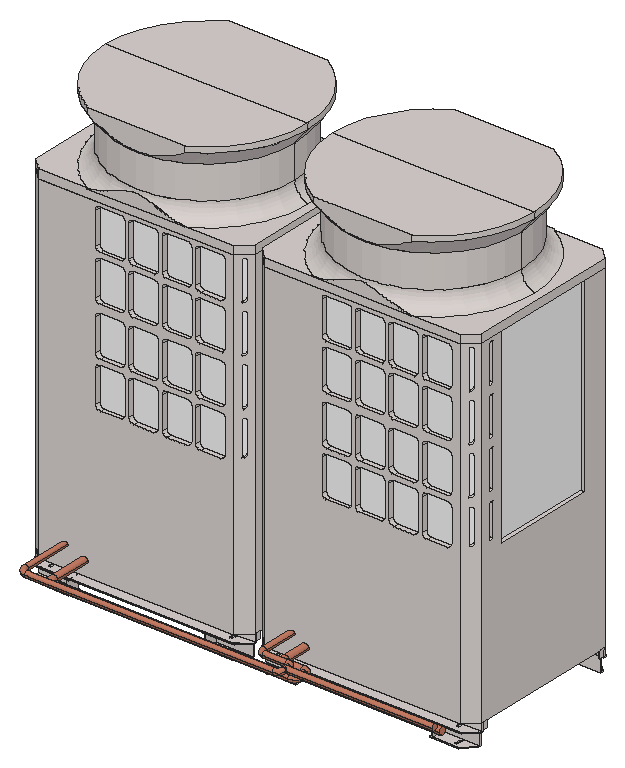
Revit family "PURY-EP550YSNW-A1", category 機械設備, Revit 2016
Family settings
  パーツ タイプ = 標準
  丸型コネクタ寸法 = 半径を使用
  OmniClass 番号 = 23.75.00.00
  OmniClass タイトル = Climate Control (HVAC)
  作業面に基づく = いいえ
  常に垂直 = はい
  ロード時にボイドで切り取り = いいえ
  共有 = いいえ
  部屋の計算ポイント = いいえ
Parameters (values of type "PURY-EP550YSNW-A1_415V_60Hz")
  WarrantyStart = ""
  Temp. range of cooling (Outdoor temp.) (D.B.) = "-5.0 to 52.0"
  Temp. range of cooling (Indoor temp.) (W.B.) = "15.0 to 24.0"
  TagNumber = 0
  SerialNumber = 0
  ReplacementYear = ""
  Outdoor unit 2 Breaker size (A) = 30
  Outdoor unit 1 Breaker size (A) = 30
  Note_1 = "Refrigerant pipe diameters may change depending on the installation condition. Please refer to the installation manual."
  モデル = "PURY-EP550YSNW-A1"
  Width = 1870.000 mm
  Voltage = 415 V
  Unit Weight (kg) = 458
  URL = "http://www.mitsubishielectric.com/"
  Temp. range of heating (Outdoor temp.) (W.B.) = "-20.0 to 15.5"
  Temp. range of heating (Indoor temp.) (D.B.) = "15.0 to 27.0"
  Subcategory = "HVAC"
  Space View = yes
  Sound Pressure Level (dB(A)) Heating mode = 68
  Sound Pressure Level (dB(A)) Cooling mode = 64
  Refrigerant type = "R410A"
  Refrigerant Charge (kg) = 10.4
  Protection Devices_Inverter circuit (COMP./FAN) = "Over-current protection"
  Protection Devices_High pressure (MPa) = "High pressure sensor, High pressure switch at 4.15"
  Phase = 3
  製造元 = "Mitsubishi Electric Corporation"
  Outdoor unit 2 = PURY-EP250YNW-A1 : PURY-EP250YNW-A1
  Outdoor unit 1 = PURY-EP300YNW-A1 : PURY-EP300YNW-A1
  Maximum Circuit Ampacity (A) = 37.3
  Low pressure pipe_radius = 14.290 mm
  InstallationDate = "0"
  Indoor Unit Total Capacity = "50 to 150% of outdoor unit capacity"
  Indoor Unit Model/Quantity = "P10 to P250/2 to 50"
  High pressure pipe_radius = 11.100 mm
  Hertz = 60 Hz
  Height = 1858.000 mm
  Heating SCOP (kW/kW) = 4.05
  Heating Rated Load Ampacity (A) = 26.7
  Heating Power Input (kW) = 17.33
  Heating Power Input (Nominal) (kW) = 14.92
  Heating Current Input (Nominal) (A) = 23
  Heating Current Input (A) = 26.7
  Heating Capacity (kW) = 69
  Heating Capacity (Nominal) (kW) = 63
  Heating COP (kW/kW) = 3.98
  Heating COP (Nominal) (kW/kW) = 4.22
  Fan_Type = "Propeller Fan"
  Fan_Quantity = 2
  Fan Motor Output (kW) = 1.84
  External static pressure (Pa) = 0
  External Finish = "Pre-coated galvanized steel sheets (+powder coating for -BS type) <MUNSELL 5Y 8/1 or similar>"
  Equip_description = "0"
  Equip_No. = 0
  Equip_ID = "0"
  Description = "0"
  Depth = 740.000 mm
  CreatedOn = "0"
  CreatedBy = "0"
  Cooling SEER (kW/kW) = 6.85
  Cooling Rated Load Ampacity (A) = 24.5
  Cooling Power Input (kW) = 15.9
  Cooling EER (kW/kW) = 3.96
  Cooling Current Input (A) = 24.5
  Cooling Capacity (kW) = 63
  Compressor_Type = "Inverter scroll hermetic compressor"
  Compressor_Quantity = 2
  Compressor_Lubricant = "MEL32"
  Compressor Motor Output (kW) = 12.8
  Category = "0"
  Barcode = "0"
  AssetIdentifier = "0"
  Airflow Rate (m3/min) = 425
  Airflow Rate (m3/h) = 25500
Reference planes
  plane 1 "Center (Front/Back)": y = 0
  plane 2: z = 0
  plane 3 "Center (Left/Right)": x = 0
  plane 4: y = 370
  plane 5 "front": y = -370
  plane 6: x = -935
  plane 7: x = 935
  plane 8: x = 15
  plane 9: x = -15
  plane 10: z = 1858
Forms (mm)
  Sweep 1, solid, material "Copper"
    path origin (1017.215, -4.248, 187) x (0, -1, 0) y (1, 0, 0)
      loop
        line (360, -1792.386) -> (570, -1792.386)
        arc (570, -1792.386) -> (591.213, -1783.6) -> (600, -1762.386) r 30
        line (600, -1762.386) -> (600, -725.507)
        arc (600, -725.507) -> (594.142, -711.365) -> (580, -705.507) r 20
        line (580, -705.507) -> (552.385, -705.507)
        arc (552.385, -705.507) -> (538.243, -711.365) -> (532.385, -725.507) r 20
        line (532.385, -725.507) -> (532.385, -821.501)
        arc (532.385, -821.501) -> (526.527, -835.643) -> (512.385, -841.501) r 20
        line (512.385, -841.501) -> (357.385, -841.501)
    profile origin (-775.172, -469.248, 187) x (1, 0, 0) y (0, 0, 1)
      loop
        circle (0, 0) r 11.1
  Sweep 2, solid, material "Copper"
    path origin (1039.386, -4.248, 155) x (0, -1, 0) y (1, 0, 0)
      loop
        line (360, -1733) -> (525, -1733)
        arc (525, -1733) -> (546.213, -1724.213) -> (555, -1703) r 30
        line (555, -1703) -> (555, -800.253) -> (555, -715.253)
        arc (555, -715.253) -> (549.142, -701.111) -> (535, -695.253) r 20
        line (535, -695.253) -> (510, -695.253)
        arc (510, -695.253) -> (495.858, -701.111) -> (490, -715.253) r 20
        line (490, -715.253) -> (490, -786.253)
        arc (490, -786.253) -> (484.142, -800.395) -> (470, -806.253) r 20
        line (470, -806.253) -> (360, -806.253)
    profile origin (-693.614, -446.748, 155) x (1, 0, 0) y (0, 0, 1)
      loop
        circle (0, 0) r 14.29
  Sweep 3, solid, material "Copper"
    path origin (934.386, -4.248, 187) x (0, -1, 0) y (1, 0, 0)
      loop
        line (565.96, -620) -> (565.96, 0.614)
    profile origin (624.693, -570.208, 187) x (0, 1, 0) y (0, 0, 1)
      loop
        circle (0, 0) r 11.1
  Sweep 4, solid, material "Copper"
    path origin (934.386, -4.248, 155.027) x (-1, 0, 0) y (0, -1, 0)
      loop
        line (585, 523.84) -> (0, 523.84)
    profile origin (641.886, -528.088, 155.027) x (0, 1, 0) y (0, 0, 1)
      loop
        circle (0, 0) r 14.29
Dimensions and locks
  plane 6 to plane 7 = 1870.000 mm
  "High pressure pipe_radius": radius of Sweep 3 sketch curve
  "Low pressure pipe_radius": radius of Sweep 4 sketch curve
  aligned and locked: level to plane 2
Automatic sketch dimensions
  Sweep 1 sketch curve to plane 5 "front" = 8.366 mm
  Sweep 1 sketch curve to plane 5 "front" = 5.752 mm
  plane 5 "front" to Sweep 1 sketch curve = 146.634 mm
  Sweep 1 sketch curve to Sweep 1 sketch curve = 20.000 mm  (x2)
  plane 5 "front" to Sweep 1 sketch curve = 204.248 mm
  Sweep 1 sketch curve to Sweep 1 sketch curve = 27.615 mm
  Sweep 1 sketch curve to Sweep 1 sketch curve = 30.000 mm
  plane 6 to Sweep 1 sketch curve = 159.828 mm
  plane 3 "Center (Left/Right)" to Sweep 1 sketch curve = 175.714 mm
  Sweep 1 sketch curve to Sweep 1 sketch curve = 95.994 mm
  profile plane to Sweep 1 sketch curve = 0.000 mm
  Sweep 1 sketch curve to profile plane = 0.000 mm
  Sweep 2 sketch curve to plane 5 "front" = 5.752 mm  (x2)
  plane 5 "front" to Sweep 2 sketch curve = 104.248 mm
  Sweep 2 sketch curve to Sweep 2 sketch curve = 20.000 mm  (x3)
  plane 5 "front" to Sweep 2 sketch curve = 159.248 mm
  Sweep 2 sketch curve to Sweep 2 sketch curve = 25.000 mm
  plane 6 to Sweep 2 sketch curve = 241.386 mm
  plane 3 "Center (Left/Right)" to Sweep 2 sketch curve = 239.134 mm
  Sweep 2 sketch curve to Sweep 2 sketch curve = 6.000 mm
  Sweep 2 sketch curve to Sweep 2 sketch curve = 71.000 mm
  profile plane to Sweep 2 sketch curve = 0.000 mm
  Sweep 2 sketch curve to profile plane = 0.000 mm
  Sweep 3 sketch curve to plane 7 = 0.000 mm
  plane 5 "front" to Sweep 3 sketch curve = 200.208 mm
  plane 8 to Sweep 3 sketch curve = 299.386 mm
  Sweep 4 sketch curve to plane 7 = 0.614 mm
  plane 5 "front" to Sweep 4 sketch curve = 158.088 mm
  plane 8 to Sweep 4 sketch curve = 334.386 mm
  Sweep 3 sketch curve to profile plane = 0.000 mm  (x2)
  Sweep 4 sketch curve to profile plane = 0.000 mm  (x2)
  radius of Sweep 1 sketch curve = 11.100 mm
  radius of Sweep 2 sketch curve = 14.290 mm
Nested families
  nested 1: "PURY-EP300YNW-A1" at (-475, 0, 0), type <- "Outdoor unit 1", type "PURY-EP300YNW-A1"
  nested 2: "PURY-EP250YNW-A1" at (475, 0, 0), type <- "Outdoor unit 2", type "PURY-EP250YNW-A1"
Connectors
  piping at (934.386, -528.088, 155.027), diameter 28.58, driven by "Low pressure pipe_radius"
    settings: on Sweep 4, index 1, connector inside diameter 28.58 mm, connector length 0.000 mm, flow factor 0, pipe flow 0.0 L/s, pressure drop 0.0 Pa, fitting loss kfactor 0, connector angle 0.00°, fixture units 0, engagement length 0.000 mm, angle of deflection 0.00°, flow configuration 0, flow direction 0, fitting loss method 0, system type 22, joint type 0, gender type 0, connector reference index -1, connector utility 0, adjustable connector no, is connector primary yes, connector description "BC controller-Twinning pipe(Low pressure)"
  piping at (935, -570.208, 187), diameter 22.2, driven by "High pressure pipe_radius"
    settings: on Sweep 3, index 2, connector inside diameter 22.2 mm, connector length 0.000 mm, flow factor 0, pipe flow 0.0 L/s, pressure drop 0.0 Pa, fitting loss kfactor 0, connector angle 0.00°, fixture units 0, engagement length 0.000 mm, angle of deflection 0.00°, flow configuration 0, flow direction 0, fitting loss method 0, system type 22, joint type 0, gender type 0, connector reference index -1, connector utility 0, adjustable connector no, is connector primary no, connector description "BC controller-Twinning pipe(High pressure)"
  electrical at (319, -370, 280), driven by "Phase", driven by "Voltage"
    settings: index 4, voltage 415 V, apparent load 0 VA, apparent load phase1 0 VA, apparent load phase2 0 VA, apparent load phase3 0 VA, power factor 1, load classification "HVAC", number of poles 3, system type 30, power factor state 1, is connector primary yes, connector utility no, sub classification motor no, connector description ""
  electrical at (-633, -370, 280), driven by "Phase", driven by "Voltage"
    settings: index 5, voltage 415 V, apparent load 0 VA, apparent load phase1 0 VA, apparent load phase2 0 VA, apparent load phase3 0 VA, power factor 1, load classification "HVAC", number of poles 3, system type 30, power factor state 1, is connector primary no, connector utility no, sub classification motor no, connector description ""
Definition of nested family "PURY-EP300YNW-A1"
  Parameters
    Model = "PURY-P300YNW-A"
    URL = "http://www.mitsubishielectric.com/"
    Manufacturer = "Mitsubishi Electric Corporation"
    Liquid pipe_radius = 4.760 mm
    Gas pipe_radius = 11.100 mm
  Reference planes
    plane 1 "Center (Front/Back)": y = 0
    plane 2: z = 0
    plane 3 "Center (Left/Right)": x = 0
    plane 4 "11": through (-415, 370, 1200) normal (0.7071, -0.7071, 0)
    plane 5 "22": through (-415, -370, 1200) normal (-0.7071, -0.7071, 0)
    plane 6 "44": through (460, 325, 1200) normal (-0.7071, -0.7071, 0)
    plane 7 "33": through (460, -325, 1200) normal (0.7071, -0.7071, 0)
    plane 8: z = 754.5
    plane 9: z = 909.5
    plane 10: x = -300
    plane 11: x = -217
    plane 12: y = 370
    plane 13: y = -370
    plane 14: x = -460
    plane 15: x = 460
  Forms (mm)
    Extrusion 1, solid
      sketch origin (0, 0, 113) x (-1, 0, 0) y (0, -1, 0)
        loop
          line (410, -370) -> (460, -320) -> (460, 320) -> (410, 370) -> (-410, 370) -> (-460, 320) -> (-460, -320) -> (-410, -370) -> (410, -370)
      from -18 to 1408
    Extrusion 2, void
      sketch origin (410, -370, 113) x (1, 0, 0) y (0, 0, -1)
        loop
          arc (-55, -1393.5) -> (-40.858, -1387.642) -> (-35, -1373.5) r 20
          line (-35, -1373.5) -> (-35, -1238.676)
          arc (-35, -1238.676) -> (-40.858, -1224.534) -> (-55, -1218.676) r 20
          line (-55, -1218.676) -> (-139.8, -1218.676)
          arc (-139.8, -1218.676) -> (-153.942, -1224.534) -> (-159.8, -1238.676) r 20
          line (-159.8, -1238.676) -> (-159.8, -1373.5)
          arc (-159.8, -1373.5) -> (-153.942, -1387.642) -> (-139.8, -1393.5) r 20
          line (-139.8, -1393.5) -> (-55, -1393.5)
      from 0 to 20
    Extrusion 3, void
      sketch origin (270, -370, 113) x (1, 0, 0) y (0, 0, -1)
        loop
          arc (-55, -1393.5) -> (-40.858, -1387.642) -> (-35, -1373.5) r 20
          line (-35, -1373.5) -> (-35, -1238.676)
          arc (-35, -1238.676) -> (-40.858, -1224.534) -> (-55, -1218.676) r 20
          line (-55, -1218.676) -> (-139.8, -1218.676)
          arc (-139.8, -1218.676) -> (-153.942, -1224.534) -> (-159.8, -1238.676) r 20
          line (-159.8, -1238.676) -> (-159.8, -1373.5)
          arc (-159.8, -1373.5) -> (-153.942, -1387.642) -> (-139.8, -1393.5) r 20
          line (-139.8, -1393.5) -> (-55, -1393.5)
      from 0 to 20
    Extrusion 4, void
      sketch origin (130, -370, 113) x (1, 0, 0) y (0, 0, -1)
        loop
          arc (-55, -1393.5) -> (-40.858, -1387.642) -> (-35, -1373.5) r 20
          line (-35, -1373.5) -> (-35, -1238.676)
          arc (-35, -1238.676) -> (-40.858, -1224.534) -> (-55, -1218.676) r 20
          line (-55, -1218.676) -> (-139.8, -1218.676)
          arc (-139.8, -1218.676) -> (-153.942, -1224.534) -> (-159.8, -1238.676) r 20
          line (-159.8, -1238.676) -> (-159.8, -1373.5)
          arc (-159.8, -1373.5) -> (-153.942, -1387.642) -> (-139.8, -1393.5) r 20
          line (-139.8, -1393.5) -> (-55, -1393.5)
      from 0 to 20
    Extrusion 5, void
      sketch origin (-10, -370, 113) x (1, 0, 0) y (0, 0, -1)
        loop
          arc (-55, -1393.5) -> (-40.858, -1387.642) -> (-35, -1373.5) r 20
          line (-35, -1373.5) -> (-35, -1238.676)
          arc (-35, -1238.676) -> (-40.858, -1224.534) -> (-55, -1218.676) r 20
          line (-55, -1218.676) -> (-139.8, -1218.676)
          arc (-139.8, -1218.676) -> (-153.942, -1224.534) -> (-159.8, -1238.676) r 20
          line (-159.8, -1238.676) -> (-159.8, -1373.5)
          arc (-159.8, -1373.5) -> (-153.942, -1387.642) -> (-139.8, -1393.5) r 20
          line (-139.8, -1393.5) -> (-55, -1393.5)
      from 0 to 20
    Extrusion 6, void
      sketch origin (410, -370, -81) x (1, 0, 0) y (0, 0, -1)
        loop
          arc (-55, -1393.5) -> (-40.858, -1387.642) -> (-35, -1373.5) r 20
          line (-35, -1373.5) -> (-35, -1238.676)
          arc (-35, -1238.676) -> (-40.858, -1224.534) -> (-55, -1218.676) r 20
          line (-55, -1218.676) -> (-139.8, -1218.676)
          arc (-139.8, -1218.676) -> (-153.942, -1224.534) -> (-159.8, -1238.676) r 20
          line (-159.8, -1238.676) -> (-159.8, -1373.5)
          arc (-159.8, -1373.5) -> (-153.942, -1387.642) -> (-139.8, -1393.5) r 20
          line (-139.8, -1393.5) -> (-55, -1393.5)
      from 0 to 20
    Extrusion 7, void
      sketch origin (270, -370, -81) x (1, 0, 0) y (0, 0, -1)
        loop
          arc (-55, -1393.5) -> (-40.858, -1387.642) -> (-35, -1373.5) r 20
          line (-35, -1373.5) -> (-35, -1238.676)
          arc (-35, -1238.676) -> (-40.858, -1224.534) -> (-55, -1218.676) r 20
          line (-55, -1218.676) -> (-139.8, -1218.676)
          arc (-139.8, -1218.676) -> (-153.942, -1224.534) -> (-159.8, -1238.676) r 20
          line (-159.8, -1238.676) -> (-159.8, -1373.5)
          arc (-159.8, -1373.5) -> (-153.942, -1387.642) -> (-139.8, -1393.5) r 20
          line (-139.8, -1393.5) -> (-55, -1393.5)
      from 0 to 20
    Extrusion 8, void
      sketch origin (130, -370, -81) x (1, 0, 0) y (0, 0, -1)
        loop
          arc (-55, -1393.5) -> (-40.858, -1387.642) -> (-35, -1373.5) r 20
          line (-35, -1373.5) -> (-35, -1238.676)
          arc (-35, -1238.676) -> (-40.858, -1224.534) -> (-55, -1218.676) r 20
          line (-55, -1218.676) -> (-139.8, -1218.676)
          arc (-139.8, -1218.676) -> (-153.942, -1224.534) -> (-159.8, -1238.676) r 20
          line (-159.8, -1238.676) -> (-159.8, -1373.5)
          arc (-159.8, -1373.5) -> (-153.942, -1387.642) -> (-139.8, -1393.5) r 20
          line (-139.8, -1393.5) -> (-55, -1393.5)
      from 0 to 20
    Extrusion 9, void
      sketch origin (-10, -370, -81) x (1, 0, 0) y (0, 0, -1)
        loop
          arc (-55, -1393.5) -> (-40.858, -1387.642) -> (-35, -1373.5) r 20
          line (-35, -1373.5) -> (-35, -1238.676)
          arc (-35, -1238.676) -> (-40.858, -1224.534) -> (-55, -1218.676) r 20
          line (-55, -1218.676) -> (-139.8, -1218.676)
          arc (-139.8, -1218.676) -> (-153.942, -1224.534) -> (-159.8, -1238.676) r 20
          line (-159.8, -1238.676) -> (-159.8, -1373.5)
          arc (-159.8, -1373.5) -> (-153.942, -1387.642) -> (-139.8, -1393.5) r 20
          line (-139.8, -1393.5) -> (-55, -1393.5)
      from 0 to 20
    Extrusion 10, void
      sketch origin (410, -370, -287) x (1, 0, 0) y (0, 0, -1)
        loop
          arc (-55, -1393.5) -> (-40.858, -1387.642) -> (-35, -1373.5) r 20
          line (-35, -1373.5) -> (-35, -1238.676)
          arc (-35, -1238.676) -> (-40.858, -1224.534) -> (-55, -1218.676) r 20
          line (-55, -1218.676) -> (-139.8, -1218.676)
          arc (-139.8, -1218.676) -> (-153.942, -1224.534) -> (-159.8, -1238.676) r 20
          line (-159.8, -1238.676) -> (-159.8, -1373.5)
          arc (-159.8, -1373.5) -> (-153.942, -1387.642) -> (-139.8, -1393.5) r 20
          line (-139.8, -1393.5) -> (-55, -1393.5)
      from 0 to 20
    Extrusion 11, void
      sketch origin (270, -370, -287) x (1, 0, 0) y (0, 0, -1)
        loop
          arc (-55, -1393.5) -> (-40.858, -1387.642) -> (-35, -1373.5) r 20
          line (-35, -1373.5) -> (-35, -1238.676)
          arc (-35, -1238.676) -> (-40.858, -1224.534) -> (-55, -1218.676) r 20
          line (-55, -1218.676) -> (-139.8, -1218.676)
          arc (-139.8, -1218.676) -> (-153.942, -1224.534) -> (-159.8, -1238.676) r 20
          line (-159.8, -1238.676) -> (-159.8, -1373.5)
          arc (-159.8, -1373.5) -> (-153.942, -1387.642) -> (-139.8, -1393.5) r 20
          line (-139.8, -1393.5) -> (-55, -1393.5)
      from 0 to 20
    Extrusion 12, void
      sketch origin (130, -370, -287) x (1, 0, 0) y (0, 0, -1)
        loop
          arc (-55, -1393.5) -> (-40.858, -1387.642) -> (-35, -1373.5) r 20
          line (-35, -1373.5) -> (-35, -1238.676)
          arc (-35, -1238.676) -> (-40.858, -1224.534) -> (-55, -1218.676) r 20
          line (-55, -1218.676) -> (-139.8, -1218.676)
          arc (-139.8, -1218.676) -> (-153.942, -1224.534) -> (-159.8, -1238.676) r 20
          line (-159.8, -1238.676) -> (-159.8, -1373.5)
          arc (-159.8, -1373.5) -> (-153.942, -1387.642) -> (-139.8, -1393.5) r 20
          line (-139.8, -1393.5) -> (-55, -1393.5)
      from 0 to 20
    Extrusion 13, void
      sketch origin (-10, -370, -287) x (1, 0, 0) y (0, 0, -1)
        loop
          arc (-55, -1393.5) -> (-40.858, -1387.642) -> (-35, -1373.5) r 20
          line (-35, -1373.5) -> (-35, -1238.676)
          arc (-35, -1238.676) -> (-40.858, -1224.534) -> (-55, -1218.676) r 20
          line (-55, -1218.676) -> (-139.8, -1218.676)
          arc (-139.8, -1218.676) -> (-153.942, -1224.534) -> (-159.8, -1238.676) r 20
          line (-159.8, -1238.676) -> (-159.8, -1373.5)
          arc (-159.8, -1373.5) -> (-153.942, -1387.642) -> (-139.8, -1393.5) r 20
          line (-139.8, -1393.5) -> (-55, -1393.5)
      from 0 to 20
    Extrusion 14, void
      sketch origin (410, -370, -481) x (1, 0, 0) y (0, 0, -1)
        loop
          arc (-55, -1393.5) -> (-40.858, -1387.642) -> (-35, -1373.5) r 20
          line (-35, -1373.5) -> (-35, -1238.676)
          arc (-35, -1238.676) -> (-40.858, -1224.534) -> (-55, -1218.676) r 20
          line (-55, -1218.676) -> (-139.8, -1218.676)
          arc (-139.8, -1218.676) -> (-153.942, -1224.534) -> (-159.8, -1238.676) r 20
          line (-159.8, -1238.676) -> (-159.8, -1373.5)
          arc (-159.8, -1373.5) -> (-153.942, -1387.642) -> (-139.8, -1393.5) r 20
          line (-139.8, -1393.5) -> (-55, -1393.5)
      from 0 to 20
    Extrusion 15, void
      sketch origin (270, -370, -481) x (1, 0, 0) y (0, 0, -1)
        loop
          arc (-55, -1393.5) -> (-40.858, -1387.642) -> (-35, -1373.5) r 20
          line (-35, -1373.5) -> (-35, -1238.676)
          arc (-35, -1238.676) -> (-40.858, -1224.534) -> (-55, -1218.676) r 20
          line (-55, -1218.676) -> (-139.8, -1218.676)
          arc (-139.8, -1218.676) -> (-153.942, -1224.534) -> (-159.8, -1238.676) r 20
          line (-159.8, -1238.676) -> (-159.8, -1373.5)
          arc (-159.8, -1373.5) -> (-153.942, -1387.642) -> (-139.8, -1393.5) r 20
          line (-139.8, -1393.5) -> (-55, -1393.5)
      from 0 to 20
    Extrusion 16, void
      sketch origin (130, -370, -481) x (1, 0, 0) y (0, 0, -1)
        loop
          arc (-55, -1393.5) -> (-40.858, -1387.642) -> (-35, -1373.5) r 20
          line (-35, -1373.5) -> (-35, -1238.676)
          arc (-35, -1238.676) -> (-40.858, -1224.534) -> (-55, -1218.676) r 20
          line (-55, -1218.676) -> (-139.8, -1218.676)
          arc (-139.8, -1218.676) -> (-153.942, -1224.534) -> (-159.8, -1238.676) r 20
          line (-159.8, -1238.676) -> (-159.8, -1373.5)
          arc (-159.8, -1373.5) -> (-153.942, -1387.642) -> (-139.8, -1393.5) r 20
          line (-139.8, -1393.5) -> (-55, -1393.5)
      from 0 to 20
    Extrusion 17, void
      sketch origin (-10, -370, -481) x (1, 0, 0) y (0, 0, -1)
        loop
          arc (-55, -1393.5) -> (-40.858, -1387.642) -> (-35, -1373.5) r 20
          line (-35, -1373.5) -> (-35, -1238.676)
          arc (-35, -1238.676) -> (-40.858, -1224.534) -> (-55, -1218.676) r 20
          line (-55, -1218.676) -> (-139.8, -1218.676)
          arc (-139.8, -1218.676) -> (-153.942, -1224.534) -> (-159.8, -1238.676) r 20
          line (-159.8, -1238.676) -> (-159.8, -1373.5)
          arc (-159.8, -1373.5) -> (-153.942, -1387.642) -> (-139.8, -1393.5) r 20
          line (-139.8, -1393.5) -> (-55, -1393.5)
      from 0 to 20
    Extrusion 18, solid
      sketch origin (0, -189, -3) x (0, 0, -1) y (-1, 0, 0)
        loop
          circle (-179, 217) r 11.1
      from 0 to 150
    Extrusion 19, solid
      sketch origin (0, -172, -3) x (0, 0, -1) y (-1, 0, 0)
        loop
          circle (-179, 300) r 4.76
      from 0 to 150
    Extrusion 20, void
      sketch origin (-460, -320, 113) x (0, -1, 0) y (0, 0, -1)
        loop
          line (-611.5, -1236.511) -> (-611.5, -1386.5)
          arc (-611.5, -1386.5) -> (-601.5, -1396.5) -> (-591.5, -1386.5) r 10
          line (-591.5, -1386.5) -> (-591.5, -1236.511)
          arc (-591.5, -1236.511) -> (-601.5, -1226.511) -> (-611.5, -1236.511) r 10
      from 0 to 20
    Extrusion 21, void
      sketch origin (-460, -320, -87.006) x (0, -1, 0) y (0, 0, -1)
        loop
          line (-611.5, -1236.511) -> (-611.5, -1386.5)
          arc (-611.5, -1386.5) -> (-601.5, -1396.5) -> (-591.5, -1386.5) r 10
          line (-591.5, -1386.5) -> (-591.5, -1236.511)
          arc (-591.5, -1236.511) -> (-601.5, -1226.511) -> (-611.5, -1236.511) r 10
      from 0 to 20
    Extrusion 22, void
      sketch origin (-460, -320, -287.006) x (0, -1, 0) y (0, 0, -1)
        loop
          line (-611.5, -1236.511) -> (-611.5, -1386.5)
          arc (-611.5, -1386.5) -> (-601.5, -1396.5) -> (-591.5, -1386.5) r 10
          line (-591.5, -1386.5) -> (-591.5, -1236.511)
          arc (-591.5, -1236.511) -> (-601.5, -1226.511) -> (-611.5, -1236.511) r 10
      from 0 to 20
    Extrusion 23, void
      sketch origin (-460, -320, -479.506) x (0, -1, 0) y (0, 0, -1)
        loop
          line (-611.5, -1244.006) -> (-611.5, -1379.006)
          arc (-611.5, -1379.006) -> (-601.5, -1389.006) -> (-591.5, -1379.006) r 10
          line (-591.5, -1379.006) -> (-591.5, -1244.006)
          arc (-591.5, -1244.006) -> (-601.5, -1234.006) -> (-611.5, -1244.006) r 10
      from 0 to 20
    Extrusion 24, void
      sketch origin (-460, -320, 113) x (0, -1, 0) y (0, 0, -1)
        loop
          line (-543, -1408) -> (-215, -1408) -> (-215, -632) -> (-543, -632) -> (-543, -1408)
      from 0 to 20
    Extrusion 25, void
      sketch origin (-410, 370, 113) x (0.707107, 0.707107, 0) y (0, 0, 1)
        loop
          line (-27.158, 1236.539) -> (-27.158, 1386.461)
          arc (-27.158, 1386.461) -> (-37.158, 1396.461) -> (-47.158, 1386.461) r 10
          line (-47.158, 1386.461) -> (-47.158, 1236.539)
          arc (-47.158, 1236.539) -> (-37.158, 1226.539) -> (-27.158, 1236.539) r 10
        loop
          line (-27.158, 1036.539) -> (-27.158, 1186.461)
          arc (-27.158, 1186.461) -> (-37.158, 1196.461) -> (-47.158, 1186.461) r 10
          line (-47.158, 1186.461) -> (-47.158, 1036.539)
          arc (-47.158, 1036.539) -> (-37.158, 1026.539) -> (-27.158, 1036.539) r 10
        loop
          line (-27.158, 836.539) -> (-27.158, 986.461)
          arc (-27.158, 986.461) -> (-37.158, 996.461) -> (-47.158, 986.461) r 10
          line (-47.158, 986.461) -> (-47.158, 836.539)
          arc (-47.158, 836.539) -> (-37.158, 826.539) -> (-27.158, 836.539) r 10
        loop
          line (-27.158, 652.5) -> (-27.158, 785.5)
          arc (-27.158, 785.5) -> (-37.158, 795.5) -> (-47.158, 785.5) r 10
          line (-47.158, 785.5) -> (-47.158, 652.5)
          arc (-47.158, 652.5) -> (-37.158, 642.5) -> (-27.158, 652.5) r 10
      from 0 to 20
    Extrusion 26, void
      sketch origin (460, -320, 113) x (0.707107, 0.707107, 0) y (0, 0, -1)
        loop
          arc (-25.5, -1236.423) -> (-35.5, -1226.423) -> (-45.5, -1236.423) r 10
          line (-45.5, -1236.423) -> (-45.5, -1386.487)
          arc (-45.5, -1386.487) -> (-35.5, -1396.487) -> (-25.5, -1386.487) r 10
          line (-25.5, -1386.487) -> (-25.5, -1236.423)
      from 0 to 20
    Extrusion 27, void
      sketch origin (460, -320, -86.884) x (0.707107, 0.707107, 0) y (0, 0, -1)
        loop
          arc (-25.5, -1236.423) -> (-35.5, -1226.423) -> (-45.5, -1236.423) r 10
          line (-45.5, -1236.423) -> (-45.5, -1386.487)
          arc (-45.5, -1386.487) -> (-35.5, -1396.487) -> (-25.5, -1386.487) r 10
          line (-25.5, -1386.487) -> (-25.5, -1236.423)
      from 0 to 20
    Extrusion 28, void
      sketch origin (460, -320, -286.884) x (0.707107, 0.707107, 0) y (0, 0, -1)
        loop
          arc (-25.5, -1236.423) -> (-35.5, -1226.423) -> (-45.5, -1236.423) r 10
          line (-45.5, -1236.423) -> (-45.5, -1386.487)
          arc (-45.5, -1386.487) -> (-35.5, -1396.487) -> (-25.5, -1386.487) r 10
          line (-25.5, -1386.487) -> (-25.5, -1236.423)
      from 0 to 20
    Extrusion 29, void
      sketch origin (460, -320, -487.987) x (0.707107, 0.707107, 0) y (0, 0, -1)
        loop
          arc (-25.5, -1253.487) -> (-35.5, -1243.487) -> (-45.5, -1253.487) r 10
          line (-45.5, -1253.487) -> (-45.5, -1386.487)
          arc (-45.5, -1386.487) -> (-35.5, -1396.487) -> (-25.5, -1386.487) r 10
          line (-25.5, -1386.487) -> (-25.5, -1253.487)
      from 0 to 20
    Extrusion 30, void
      sketch origin (460, 320, 113) x (0, 1, 0) y (0, 0, -1)
        loop
          line (-604, -1236.423) -> (-604, -1386.487)
          arc (-604, -1386.487) -> (-594, -1396.487) -> (-584, -1386.487) r 10
          line (-584, -1386.487) -> (-584, -1236.423)
          arc (-584, -1236.423) -> (-594, -1226.423) -> (-604, -1236.423) r 10
        loop
          line (-604, -1036.539) -> (-604, -1186.603)
          arc (-604, -1186.603) -> (-594, -1196.603) -> (-584, -1186.603) r 10
          line (-584, -1186.603) -> (-584, -1036.539)
          arc (-584, -1036.539) -> (-594, -1026.539) -> (-604, -1036.539) r 10
        loop
          line (-604, -836.539) -> (-604, -986.603)
          arc (-604, -986.603) -> (-594, -996.603) -> (-584, -986.603) r 10
          line (-584, -986.603) -> (-584, -836.539)
          arc (-584, -836.539) -> (-594, -826.539) -> (-604, -836.539) r 10
        loop
          line (-604, -652.5) -> (-604, -785.5)
          arc (-604, -785.5) -> (-594, -795.5) -> (-584, -785.5) r 10
          line (-584, -785.5) -> (-584, -652.5)
          arc (-584, -652.5) -> (-594, -642.5) -> (-604, -652.5) r 10
      from 0 to 20
    Extrusion 31, void
      sketch origin (460, 320, 113) x (0, 1, 0) y (0, 0, -1)
        loop
          line (-542, -1408) -> (-100, -1408) -> (-100, -611.5) -> (-542, -611.5) -> (-542, -1408)
      from 0 to 20
    Extrusion 32, void
      sketch origin (-410, 370, 113) x (-1, 0, 0) y (0, 0, -1)
        loop
          line (-718, -1408) -> (-47, -1408) -> (-47, -613) -> (-718, -613) -> (-718, -1408)
      from 0 to 20
  Cuts and joins
    Extrusion 2, Extrusion 3, Extrusion 4, Extrusion 5, Extrusion 6, Extrusion 7, Extrusion 8, Extrusion 9, Extrusion 10, Extrusion 11, Extrusion 12, Extrusion 13, Extrusion 14, Extrusion 15, Extrusion 16, Extrusion 17, Extrusion 20, Extrusion 21, Extrusion 22, Extrusion 23, Extrusion 24, Extrusion 25, Extrusion 26, Extrusion 27, Extrusion 28, Extrusion 29, Extrusion 30, Extrusion 31, Extrusion 32 cuts Extrusion 1
  Lines and regions (mm)
    model lines
      curve 1: line (-390, -370, 716) -> (390, -370, 716)
      curve 2: line (-390, -370, 1521) -> (-390, -370, 95)
      curve 3: line (390, -370, 1521) -> (390, -370, 95)
      curve 4: line (-172, -370, 95) -> (-172, -370, 207.5)
      curve 5: line (390, -370, 224.5) -> (199, -370, 224.5)
      curve 6: line (172, -370, 197.5) -> (172, -370, 95)
      curve 7: arc (-189, -370, 224.5) -> (-176.979, -370, 219.521) -> (-172, -370, 207.5) r 17
      curve 8: arc (199, -370, 224.5) -> (179.908, -370, 216.592) -> (172, -370, 197.5) r 27
      curve 9: line (-192, -291, 95) -> (-322, -291, 95)
      curve 10: line (-182, -207, 95) -> (-182, -281, 95)
      curve 11: line (-322, -197, 95) -> (-192, -197, 95)
      curve 12: line (-332, -281, 95) -> (-332, -207, 95)
      curve 13: arc (-332, -281, 95) -> (-329.071, -288.071, 95) -> (-322, -291, 95) r 10
      curve 14: arc (-192, -291, 95) -> (-184.929, -288.071, 95) -> (-182, -281, 95) r 10
      curve 15: arc (-182, -207, 95) -> (-184.929, -199.929, 95) -> (-192, -197, 95) r 10
      curve 16: arc (-322, -197, 95) -> (-329.071, -199.929, 95) -> (-332, -207, 95) r 10
      curve 25: line (-219, -370, 1521) -> (-219, -370, 716)
      curve 26: line (-189, -370, 224.5) -> (-390, -370, 224.5)
      curve 27: circle (308, -185, 95) r 26 normal (0, 0, 1)
      curve 28: circle (288, -260, 95) r 32.5 normal (0, 0, 1)
      curve 29: circle (244, -204, 95) r 17 normal (0, 0, 1)
      curve 30: line (-460, 243, 1521) -> (-460, 243, 95)
      curve 32: line (-460, 243, 705) -> (-460, -155, 705)
      curve 33: line (-460, -155, 95) -> (-460, -155, 1521)
      curve 34: line (-460, 223, 1521) -> (-460, 223, 705)
      curve 35: line (-460, -105, 1521) -> (-460, -105, 705)
      curve 36: line (-460, -95.983, 267.745) -> (-460, 184, 267.745)
      curve 37: line (-460, 184, 247.745) -> (-460, -95.983, 247.745)
      curve 38: arc (-460, -95.983, 247.745) -> (-460, -105.983, 257.745) -> (-460, -95.983, 267.745) r 10
      curve 39: arc (-460, 184, 267.745) -> (-460, 194, 257.745) -> (-460, 184, 247.745) r 10
      curve 40: line (-460, -95.983, 372.745) -> (-460, 184, 372.745)
      curve 41: line (-460, 184, 352.745) -> (-460, -95.983, 352.745)
      curve 42: arc (-460, -95.983, 352.745) -> (-460, -105.983, 362.745) -> (-460, -95.983, 372.745) r 10
      curve 43: arc (-460, 184, 372.745) -> (-460, 194, 362.745) -> (-460, 184, 352.745) r 10
      curve 44: line (-460, -95.983, 477.745) -> (-460, 184, 477.745)
      curve 45: line (-460, 184, 457.745) -> (-460, -95.983, 457.745)
      curve 46: arc (-460, -95.983, 457.745) -> (-460, -105.983, 467.745) -> (-460, -95.983, 477.745) r 10
      curve 47: arc (-460, 184, 477.745) -> (-460, 194, 467.745) -> (-460, 184, 457.745) r 10
      curve 48: line (-460, -95.983, 582.745) -> (-460, 184, 582.745)
      curve 49: line (-460, 184, 562.745) -> (-460, -95.983, 562.745)
      curve 50: arc (-460, -95.983, 562.745) -> (-460, -105.983, 572.745) -> (-460, -95.983, 582.745) r 10
      curve 51: arc (-460, 184, 582.745) -> (-460, 194, 572.745) -> (-460, 184, 562.745) r 10
      curve 52: line (-110, -370, 269) -> (110, -370, 269)
      curve 53: line (110, -370, 249) -> (-110, -370, 249)
      curve 54: arc (-120, -370, 259) -> (-117.071, -370, 266.071) -> (-110, -370, 269) r 10
      curve 55: arc (-110, -370, 249) -> (-117.071, -370, 251.929) -> (-120, -370, 259) r 10
      curve 56: arc (110, -370, 269) -> (117.071, -370, 266.071) -> (120, -370, 259) r 10
      curve 57: arc (120, -370, 259) -> (117.071, -370, 251.929) -> (110, -370, 249) r 10
      curve 58: line (-222.5, -370, 584) -> (222.5, -370, 584)
      curve 59: line (222.5, -370, 564) -> (-222.5, -370, 564)
      curve 60: arc (-222.5, -370, 584) -> (-229.571, -370, 581.071) -> (-232.5, -370, 574) r 10
      curve 61: arc (222.5, -370, 584) -> (229.571, -370, 581.071) -> (232.5, -370, 574) r 10
      curve 62: arc (232.5, -370, 574) -> (229.571, -370, 566.929) -> (222.5, -370, 564) r 10
      curve 63: arc (-222.5, -370, 564) -> (-229.571, -370, 566.929) -> (-232.5, -370, 574) r 10
      curve 64: line (-222.5, -370, 479) -> (222.5, -370, 479)
      curve 65: line (222.5, -370, 459) -> (-222.5, -370, 459)
      curve 66: arc (-222.5, -370, 479) -> (-229.571, -370, 476.071) -> (-232.5, -370, 469) r 10
      curve 67: arc (222.5, -370, 479) -> (229.571, -370, 476.071) -> (232.5, -370, 469) r 10
      curve 68: arc (232.5, -370, 469) -> (229.571, -370, 461.929) -> (222.5, -370, 459) r 10
      curve 69: arc (-222.5, -370, 459) -> (-229.571, -370, 461.929) -> (-232.5, -370, 469) r 10
      curve 70: line (-222.5, -370, 374) -> (222.5, -370, 374)
      curve 71: line (222.5, -370, 354) -> (-222.5, -370, 354)
      curve 72: arc (-222.5, -370, 374) -> (-229.571, -370, 371.071) -> (-232.5, -370, 364) r 10
      curve 73: arc (222.5, -370, 374) -> (229.571, -370, 371.071) -> (232.5, -370, 364) r 10
      curve 74: arc (232.5, -370, 364) -> (229.571, -370, 356.929) -> (222.5, -370, 354) r 10
      curve 75: arc (-222.5, -370, 354) -> (-229.571, -370, 356.929) -> (-232.5, -370, 364) r 10
      curve 76: line (460, -237.5, 1521) -> (460, -237.5, 95)
      curve 77: line (460, -237.5, 705) -> (460, 236.5, 705)
      curve 78: line (460, -237.5, 724.5) -> (460, 236.5, 724.5)
      curve 79: line (460, 236.5, 1521) -> (460, 236.5, 95)
      curve 80: line (327.5, 370, 1521) -> (327.5, 370, 95)
      curve 81: line (308, 370, 1521) -> (308, 370, 706)
      curve 82: line (327.5, 370, 706) -> (-382.5, 370, 706)
      curve 83: line (-382.5, 370, 1521) -> (-382.5, 370, 95)
      curve 84: line (-363, 370, 1521) -> (-363, 370, 706)
      curve 85: line (460, -140.491, 267.745) -> (460, 139.491, 267.745)
      curve 86: line (460, 139.491, 247.745) -> (460, -140.491, 247.745)
      curve 87: arc (460, -140.491, 247.745) -> (460, -150.491, 257.745) -> (460, -140.491, 267.745) r 10
      curve 88: arc (460, 139.491, 267.745) -> (460, 149.491, 257.745) -> (460, 139.491, 247.745) r 10
      curve 89: line (460, -140.491, 372.745) -> (460, 139.491, 372.745)
      curve 90: line (460, 139.491, 352.745) -> (460, -140.491, 352.745)
      curve 91: arc (460, -140.491, 352.745) -> (460, -150.491, 362.745) -> (460, -140.491, 372.745) r 10
      curve 92: arc (460, 139.491, 372.745) -> (460, 149.491, 362.745) -> (460, 139.491, 352.745) r 10
      curve 93: line (460, -140.491, 477.745) -> (460, 139.491, 477.745)
      curve 94: line (460, 139.491, 457.745) -> (460, -140.491, 457.745)
      curve 95: arc (460, -140.491, 457.745) -> (460, -150.491, 467.745) -> (460, -140.491, 477.745) r 10
      curve 96: arc (460, 139.491, 477.745) -> (460, 149.491, 467.745) -> (460, 139.491, 457.745) r 10
      curve 97: line (460, -140.491, 582.745) -> (460, 139.491, 582.745)
      curve 98: line (460, 139.491, 562.745) -> (460, -140.491, 562.745)
      curve 99: arc (460, -140.491, 562.745) -> (460, -150.491, 572.745) -> (460, -140.491, 582.745) r 10
      curve 100: arc (460, 139.491, 582.745) -> (460, 149.491, 572.745) -> (460, 139.491, 562.745) r 10
      curve 101: line (-222.5, 370, 584) -> (222.5, 370, 584)
      curve 102: line (222.5, 370, 564) -> (-222.5, 370, 564)
      curve 103: arc (-222.5, 370, 584) -> (-229.571, 370, 581.071) -> (-232.5, 370, 574) r 10
      curve 104: arc (222.5, 370, 584) -> (229.571, 370, 581.071) -> (232.5, 370, 574) r 10
      curve 105: arc (232.5, 370, 574) -> (229.571, 370, 566.929) -> (222.5, 370, 564) r 10
      curve 106: arc (-222.5, 370, 564) -> (-229.571, 370, 566.929) -> (-232.5, 370, 574) r 10
      curve 107: line (-222.5, 370, 479) -> (222.5, 370, 479)
      curve 108: line (222.5, 370, 459) -> (-222.5, 370, 459)
      curve 109: arc (-222.5, 370, 479) -> (-229.571, 370, 476.071) -> (-232.5, 370, 469) r 10
      curve 110: arc (222.5, 370, 479) -> (229.571, 370, 476.071) -> (232.5, 370, 469) r 10
      curve 111: arc (232.5, 370, 469) -> (229.571, 370, 461.929) -> (222.5, 370, 459) r 10
      curve 112: arc (-222.5, 370, 459) -> (-229.571, 370, 461.929) -> (-232.5, 370, 469) r 10
      curve 113: line (-222.5, 370, 374) -> (222.5, 370, 374)
      curve 114: line (222.5, 370, 354) -> (-222.5, 370, 354)
      curve 115: arc (-222.5, 370, 374) -> (-229.571, 370, 371.071) -> (-232.5, 370, 364) r 10
      curve 116: arc (222.5, 370, 374) -> (229.571, 370, 371.071) -> (232.5, 370, 364) r 10
      curve 117: arc (232.5, 370, 364) -> (229.571, 370, 356.929) -> (222.5, 370, 354) r 10
      curve 118: arc (-222.5, 370, 354) -> (-229.571, 370, 356.929) -> (-232.5, 370, 364) r 10
      curve 119: line (-222.5, 370, 269) -> (222.5, 370, 269)
      curve 120: line (222.5, 370, 249) -> (-222.5, 370, 249)
      curve 121: arc (-222.5, 370, 269) -> (-229.571, 370, 266.071) -> (-232.5, 370, 259) r 10
      curve 122: arc (222.5, 370, 269) -> (229.571, 370, 266.071) -> (232.5, 370, 259) r 10
      curve 123: arc (232.5, 370, 259) -> (229.571, 370, 251.929) -> (222.5, 370, 249) r 10
      curve 124: arc (-222.5, 370, 249) -> (-229.571, 370, 251.929) -> (-232.5, 370, 259) r 10
      curve 125: line (-325, -370, 131) -> (-197, -370, 131)
      curve 126: line (-335, -370, 205) -> (-335, -370, 141)
      curve 127: line (-197, -370, 215) -> (-325, -370, 215)
      curve 128: line (-187, -370, 141) -> (-187, -370, 205)
      curve 129: arc (-335, -370, 205) -> (-332.071, -370, 212.071) -> (-325, -370, 215) r 10
      curve 130: arc (-197, -370, 215) -> (-189.929, -370, 212.071) -> (-187, -370, 205) r 10
      curve 131: arc (-335, -370, 141) -> (-332.071, -370, 133.929) -> (-325, -370, 131) r 10
      curve 132: arc (-197, -370, 131) -> (-189.929, -370, 133.929) -> (-187, -370, 141) r 10
      curve 133: circle (328, -370, 170) r 20 normal (0, -1, 0)
      curve 134: circle (328, -370, 170) r 32.5 normal (0, -1, 0)
      curve 135: circle (253, -370, 185) r 13.5 normal (0, -1, 0)
      curve 136: circle (253, -370, 185) r 26 normal (0, -1, 0)
      curve 137: circle (204, -370, 150) r 17 normal (0, -1, 0)
    model lines, not visible
      curve 17: line (487.5, -370, 703) -> (492.5, -370, 703)
      curve 18: line (477.5, -370, 363) -> (477.5, -370, 693)
      curve 19: line (492.5, -370, 353) -> (487.5, -370, 353)
      curve 20: line (502.5, -370, 693) -> (502.5, -370, 363)
      curve 21: arc (487.5, -370, 703) -> (480.429, -370, 700.071) -> (477.5, -370, 693) r 10
      curve 22: arc (492.5, -370, 703) -> (499.571, -370, 700.071) -> (502.5, -370, 693) r 10
      curve 23: arc (502.5, -370, 363) -> (499.571, -370, 355.929) -> (492.5, -370, 353) r 10
      curve 24: arc (477.5, -370, 363) -> (480.429, -370, 355.929) -> (487.5, -370, 353) r 10
    reference lines
      curve 31: line (-410, 370, 0) -> (-460, 320, 0)
  Dimensions and locks
    nested 1 to level = 1858.000 mm
    nested 1 to nested 1 = 303.000 mm
    nested 5 to nested 5 = 60.000 mm
    nested 1 to nested 2 = 1495.000 mm
    Extrusion 1 to Extrusion 1 = 920.000 mm
    Extrusion 2 sketch curve to Extrusion 2 sketch curve = 174.824 mm
    Extrusion 3 sketch curve to Extrusion 3 sketch curve = 174.824 mm
    equal spacing: group 5, group 4, group 3, group 2
    equal spacing: group 2, group 3, group 4, group 5  (x2)
    Extrusion 4 sketch curve to Extrusion 4 sketch curve = 174.824 mm
    Extrusion 5 sketch curve to Extrusion 5 sketch curve = 174.824 mm
    Extrusion 6 sketch curve to Extrusion 6 sketch curve = 174.824 mm
    Extrusion 7 sketch curve to Extrusion 7 sketch curve = 174.824 mm
    Extrusion 8 sketch curve to Extrusion 8 sketch curve = 174.824 mm
    Extrusion 9 sketch curve to Extrusion 9 sketch curve = 174.824 mm
    Extrusion 10 sketch curve to Extrusion 10 sketch curve = 174.824 mm
    Extrusion 11 sketch curve to Extrusion 11 sketch curve = 174.824 mm
    Extrusion 12 sketch curve to Extrusion 12 sketch curve = 174.824 mm
    Extrusion 13 sketch curve to Extrusion 13 sketch curve = 174.824 mm
    Extrusion 14 sketch curve to Extrusion 14 sketch curve = 174.824 mm
    Extrusion 15 sketch curve to Extrusion 15 sketch curve = 174.824 mm
    Extrusion 16 sketch curve to Extrusion 16 sketch curve = 174.824 mm
    Extrusion 17 sketch curve to Extrusion 17 sketch curve = 174.824 mm
    cut or joined group 1 (Extrusion 1, Extrusion 2, Extrusion 3, Extrusion 4, Extrusion 5, Extrusion 6, Extrusion 7, Extrusion 8, Extrusion 9, Extrusion 10, Extrusion 11, Extrusion 12, Extrusion 13, Extrusion 14, Extrusion 15, Extrusion 16, Extrusion 17, Extrusion 20, Extrusion 21, Extrusion 22, Extrusion 23, Extrusion 24, Extrusion 25, Extrusion 26, Extrusion 27, Extrusion 28, Extrusion 29, Extrusion 30, Extrusion 31, Extrusion 32) to cut or joined group 1 = 820.000 mm
    cut or joined group 1 to cut or joined group 1 = 920.000 mm
    cut or joined group 1 to cut or joined group 1 = 740.000 mm
    nested 5 to cut or joined group 1 = 80.000 mm
    cut or joined group 1 to nested 4 to nested 5 = 80.000 mm, 760.000 mm
    cut or joined group 1 to nested 2 = 29.500 mm
    cut or joined group 1 to nested 3 to nested 2 = 29.500 mm, 681.000 mm
    cut or joined group 1 to cut or joined group 1 = 35.000 mm
    plane 6 "44" to cut or joined group 1 = 3.536 mm
    Extrusion 25 sketch curve to Extrusion 25 sketch curve = 20.000 mm
    cut or joined group 1 to cut or joined group 1 = 50.000 mm
    locked: Extrusion 19 to nested 2 at 116
    curve 137 to nested 2 = 90.000 mm
    curve 135 to nested 2 = 125.000 mm
    curve 133 to nested 2 = 110.000 mm
    cut or joined group 1 to curve 133 = 132.000 mm
    cut or joined group 1 to curve 135 = 207.000 mm
    cut or joined group 1 to curve 137 = 256.000 mm
    cut or joined group 1 to curve 126 to curve 128 = 125.000 mm, 148.000 mm
    curve 127 to curve 125 to nested 2 = 84.000 mm, 71.000 mm
    cut or joined group 1 to Extrusion 19 = 198.000 mm
    cut or joined group 1 to Extrusion 18 = 181.000 mm
    cut or joined group 1 to curve 29 = 166.000 mm
    cut or joined group 1 to curve 27 = 185.000 mm
    cut or joined group 1 to curve 28 = 110.000 mm
    curve 27 to cut or joined group 1 = 152.000 mm
    curve 28 to cut or joined group 1 = 172.000 mm
    curve 29 to cut or joined group 1 = 216.000 mm
    cut or joined group 1 to curve 9 to curve 11 = 79.000 mm, 94.000 mm
    cut or joined group 1 to curve 12 to curve 10 = 128.000 mm, 150.000 mm
    cut or joined group 1 to plane 10 = 160.000 mm
    cut or joined group 1 to plane 11 = 243.000 mm
    nested 4 to nested 4 = 60.000 mm
    cut or joined group 1 to nested 2 = 32.000 mm
    nested 4 to nested 4 = 56.000 mm
    nested 2 to nested 2 to nested 2 = 20.000 mm, 54.000 mm
    nested 3 to nested 2 = 592.000 mm
    nested 3 to nested 3 = 20.000 mm
    aligned and locked: level to plane 2
    aligned and locked: nested 2 to nested 4
    aligned and locked: nested 2 to nested 5
  Nested families
    nested 1: "FAN GUARD" at (0, 0, 861), type "FAN GUARD"
      with WIDTH 920.000 mm
    nested 2: "BASE LEG" at (0, -352, 60), type "BASE LEG"
      with Width 920.000 mm
    nested 3: "BASE LEG" at (0, 352, 60), type "BASE LEG"
      with Width 920.000 mm
    nested 4: "ATTACHMENT LEG" at (-374, -349, 0), type "ATTACHMENT LEG"
    nested 5: "ATTACHMENT LEG" at (374, -349, 0) x (-1, 0, 0) z (0, 0, 1), type "ATTACHMENT LEG"
    nested 6: "ATTACHMENT LEG" at (-374, 349, 0), type "ATTACHMENT LEG"
    nested 7: "ATTACHMENT LEG" at (374, 349, 0) x (-1, 0, 0) z (0, 0, 1), type "ATTACHMENT LEG"
